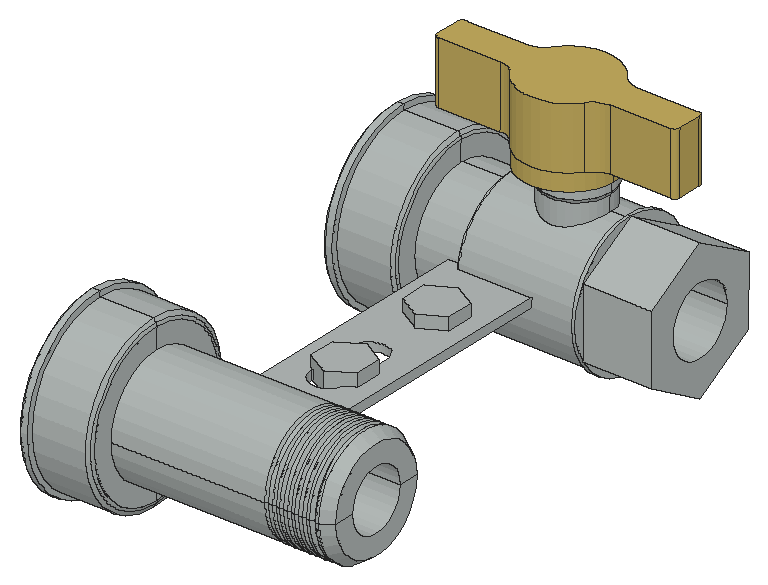
Revit family "QP07160000", category Apparecchi idraulici, Revit 2020
Family settings
  Quota connettore circolare = Usa diametro
  Tipo di parte = Normale
  Numero OmniClass = 23.45.00.00
  Titolo OmniClass = Sanitary, Laundry, and Cleaning Equipment
  Basato su piano di lavoro = No
  Sempre verticale = Sì
  Taglio con vuoti quando caricato = No
  Condiviso = No
  Punto di calcolo locali = No
Parameters
  URL = "https://web.cimberio.com/index.php/figura/923?subcategoria_id=95858"
  Temperatura di esercizio = "-20 ÷ 60°C"
  Prospetto di default = 0 mm
  Produttore = "CIMBERIO SPA"
  Pressione nominale = "MOP 5"
  Modello = "Cim 117GLD"
  Materiale = "Prodotto in lega di ottone conforme alla norma EN 12165-CW617N-DW"
  Descrizione = "Utilizzato nell’impiantistica distributiva di gas a bassa pressione per le categorie:\r\nGas naturali: gas derivati dal petrolio (Metano) e gas di ricambio.\r\nGas di città: prodotti secondo i diversi procedimenti (Cracking - Cokerie - ecc.).\r\nGas liquidi: propano e miscele di gas propano/butano"
  DN Model [instance] = QP07102155 : QP07102155
  DN [instance] = 20 mm
  Commenti sul tipo = "Realizzato in ottemperanza ai requisiti gestionali della norma EN ISO 9001.\r\nCollaudato al 100% secondo la normativa EN 12266-1"
Reference planes
  plane 1 "Centro (Fronte/Retro)": y = 0
  plane 2: z = 0
  plane 3 "Centro (Sinistra/Destra)": x = 0
Dimensions and locks
  aligned and locked: level to plane 2
Nested families
  nested 1: "QP07102155" at (0, 0, 0), type <- "DN Model", type "QP07102155"
  nested 2: "QP07102155" at (0, 0, 0), type <- "DN Model", type "QP07102155"
Connectors
  piping at (34, 0, 0), diameter 20, driven by "DN"
    settings: on nested 1, index 1, connector inside diameter 609.6 mm, connector length 0 mm, flow factor 0, pipe flow 0.0 L/s, pressure drop 0.0 Pa, fitting loss kfactor 0, connector angle 0.00°, fixture units 0, engagement length 0 mm, angle of deflection 0.00°, flow configuration 0, flow direction 0, fitting loss method 0, system type 7, joint type 0, gender type 0, connector reference index -1, connector utility 0, adjustable connector no, is connector primary yes, connector description ""
  piping at (30, -110, 0), diameter 20, driven by "DN"
    settings: on nested 1, index 2, connector inside diameter 609.6 mm, connector length 0 mm, flow factor 0, pipe flow 0.0 L/s, pressure drop 0.0 Pa, fitting loss kfactor 0, connector angle 0.00°, fixture units 0, engagement length 0 mm, angle of deflection 0.00°, flow configuration 0, flow direction 0, fitting loss method 0, system type 7, joint type 0, gender type 0, connector reference index -1, connector utility 0, adjustable connector no, is connector primary no, connector description ""
  piping at (-52.5, 0, 0), diameter 20, driven by "DN"
    settings: on nested 1, index 3, connector inside diameter 609.6 mm, connector length 0 mm, flow factor 0, pipe flow 0.0 L/s, pressure drop 0.0 Pa, fitting loss kfactor 0, connector angle 0.00°, fixture units 0, engagement length 0 mm, angle of deflection 0.00°, flow configuration 0, flow direction 0, fitting loss method 0, system type 7, joint type 0, gender type 0, connector reference index -1, connector utility 0, adjustable connector no, is connector primary no, connector description ""
  piping at (-51, -110, 0), diameter 20, driven by "DN"
    settings: on nested 1, index 4, connector inside diameter 609.6 mm, connector length 0 mm, flow factor 0, pipe flow 0.0 L/s, pressure drop 0.0 Pa, fitting loss kfactor 0, connector angle 0.00°, fixture units 0, engagement length 0 mm, angle of deflection 0.00°, flow configuration 0, flow direction 0, fitting loss method 0, system type 7, joint type 0, gender type 0, connector reference index -1, connector utility 0, adjustable connector no, is connector primary no, connector description ""
Definition of nested family "QP07102155"
  Parameters (values of type "QP07102155")
    URL = ""
    Temperatura di esercizio = ""
    Default Elevation = 0 mm
    Manufacturer = ""
    Pressione nominale = ""
    Model = ""
    Materiale = ""
    Description = ""
    Type Comments = ""
  Reference planes
    plane 1 "Centro (Fronte/Retro)": y = 0
    plane 2: z = 0
    plane 3 "Centro (Sinistra/Destra)": x = 0
  Forms (mm)
    Revolve 1, solid
      sketch origin (0, 0, 0) x (1, 0, 0) y (0, 0, 1)
        loop
          line (-19.6, -10) -> (-19.6, -18.75)
          arc (-19.6, -18.75) -> (-19.454, -19.104) -> (-19.1, -19.25) r 0.5
          line (-19.1, -19.25) -> (14.075, -19.25) -> (14.594, -20.15) -> (15.538, -20.15) -> (15.538, -10) -> (-19.6, -10)
        axis (-19.6, 0) -> (15.538, 0)
      angle from 0 to 360
    Revolve 2, solid
      sketch origin (0, 0, 0) x (1, 0, 0) y (0, 0, 1)
        loop
          line (0, 35.444) -> (0, 13.997) -> (9.5, 13.997) -> (9.5, 23.425)
          arc (9.5, 23.425) -> (9.789, 23.893) -> (10, 24.4) r 3.447
          line (10, 24.4) -> (10, 35.444) -> (0, 35.444)
        axis (0, 35.444) -> (0, 13.997)
      angle from 0 to 360
    Revolve 3, solid
      sketch origin (0, 0, 0) x (1, 0, 0) y (0, 0, 1)
        loop
          line (-33.634, 17) -> (-33.634, 10) -> (-19.6, 10) -> (-19.6, 17) -> (-33.634, 17)
        axis (-33.634, 0) -> (-19.6, 0)
      angle from 0 to 360
    Revolve 4, solid
      sketch origin (0, 0, 0) x (1, 0, 0) y (0, 0, 1)
        loop
          line (-52.5, 15) -> (-33.5, 15) -> (-33.5, 22.5)
          arc (-33.5, 22.5) -> (-33.564, 22.983) -> (-33.75, 23.433) r 1.867
          line (-33.75, 23.433) -> (-34.366, 24.5) -> (-50, 24.5) -> (-50, 26) -> (-51.883, 26) -> (-52.5, 25.5) -> (-52.5, 15)
        axis (-52.5, 0) -> (-33.5, 0)
      angle from 0 to 360
    Extrusion 5, solid
      sketch origin (0, 0, 0) x (0, 1, 0) y (0, 0, 1)
        loop
          circle (0, 0) r 10
        loop
          line (0, 20.15) -> (-17.45, 10.075) -> (-17.45, -10.075) -> (0, -20.15) -> (17.45, -10.075) -> (17.45, 10.075) -> (0, 20.15)
      from 15.538 to 35.5
    Revolve 6, solid
      sketch origin (0, -110, 0) x (1, 0, 0) y (0, 0, 1)
        loop
          line (-52.5, 15) -> (-33.5, 15) -> (-33.5, 22.5)
          arc (-33.5, 22.5) -> (-33.564, 22.983) -> (-33.75, 23.433) r 1.867
          line (-33.75, 23.433) -> (-34.366, 24.5) -> (-50, 24.5) -> (-50, 26) -> (-51.883, 26) -> (-52.5, 25.5) -> (-52.5, 15)
        axis (-52.5, 0) -> (-33.5, 0)
      angle from 0 to 360
    Revolve 7, solid
      sketch origin (-2.5, 0, 0) x (1, 0, 0) y (0, 0, 1)
        loop
          line (0, 38.174) -> (-13.134, 38.174) -> (-13.134, 27.256) -> (0, 27.256) -> (0, 38.174)
        axis (0, 38.174) -> (0, 27.256)
      angle from 0 to 360
    Extrusion 8, solid
      sketch origin (-2.5, 0, 0) x (1, 0, 0) y (0, 1, 0)
        loop
          arc (-33.14, 4.956) -> (-34.425, 4.681) -> (-35, 3.5) r 1.5
          line (-35, 3.5) -> (-35, -3.5)
          arc (-35, -3.5) -> (-34.561, -4.56) -> (-33.5, -5) r 1.5
          line (-33.5, -5) -> (-15.798, -5)
          arc (-15.798, -5) -> (-13.02, -5.681) -> (-10.874, -7.571) r 6
          arc (-10.874, -7.571) -> (0, -13.25) -> (10.874, -7.571) r 13.25
          arc (10.874, -7.571) -> (13.02, -5.681) -> (15.798, -5) r 6
          line (15.798, -5) -> (33.5, -5)
          arc (33.5, -5) -> (34.561, -4.56) -> (35, -3.5) r 1.5
          line (35, -3.5) -> (35, 3.5)
          arc (35, 3.5) -> (34.561, 4.561) -> (33.5, 5) r 1.5
          line (33.5, 5) -> (15.798, 5)
          arc (15.798, 5) -> (13.02, 5.682) -> (10.874, 7.572) r 6
          arc (10.874, 7.572) -> (0, 13.25) -> (-10.874, 7.572) r 13.25
          arc (-10.874, 7.572) -> (-13.02, 5.682) -> (-15.798, 5) r 6
          line (-15.798, 5) -> (-33.14, 4.956)
      from 32.3 to 50.3
    Revolve 9, solid
      sketch origin (0, 0, 0) x (1, 0, 0) y (0, 1, 0)
        loop
          line (-33.998, -93.25) -> (-33.998, -101.25) -> (30, -101.25) -> (30, -95.447) -> (26.616, -93.25) -> (25.807, -93.25) -> (24.775, -94.164) -> (24.247, -93.25) -> (23.327, -93.25) -> (22.699, -94.217) -> (22.14, -93.25) -> (21.027, -93.25) -> (20.405, -94.208) -> (19.852, -93.25) -> (18.931, -93.25) -> (18.303, -94.217) -> (17.745, -93.25) -> (16.631, -93.25) -> (16.009, -94.208) -> (15.456, -93.25) -> (14.536, -93.25) -> (13.907, -94.217) -> (13.349, -93.25) -> (12.236, -93.25) -> (11.614, -94.208) -> (11.061, -93.25) -> (-33.998, -93.25)
        axis (-33.998, -110) -> (30, -110)
      angle from 0 to 360
    Extrusion 10, solid
      sketch origin (-2.495, 0, 0) x (1, 0, 0) y (0, 1, 0)
        loop
          line (-21, -13.768) -> (-21, -93.925) -> (4.495, -93.925) -> (4.495, -13.768) -> (-21, -13.768)
        loop
          arc (-3.252, -61.494) -> (-8.252, -56.494) -> (-13.252, -61.494) r 5
          line (-13.252, -61.494) -> (-13.252, -76.494)
          arc (-13.252, -76.494) -> (-8.252, -81.494) -> (-3.252, -76.494) r 5
          line (-3.252, -76.494) -> (-3.252, -61.494)
      from 0 to 2.5
    Extrusion 11, solid
      sketch origin (-0.938, -1.406, 0) x (1, 0, 0) y (0, 1, 0)
        loop
          line (-9, -29.249) -> (-15.712, -33.124) -> (-15.712, -40.875) -> (-9, -44.751) -> (-2.288, -40.875) -> (-2.288, -33.124) -> (-9, -29.249)
      from 0 to 6
    Extrusion 12, solid
      sketch origin (-0.781, -34.534, 0) x (1, 0, 0) y (0, 1, 0)
        loop
          line (-9, -29.249) -> (-15.712, -33.124) -> (-15.712, -40.875) -> (-9, -44.751) -> (-2.288, -40.875) -> (-2.288, -33.124) -> (-9, -29.249)
      from 0 to 6
  Dimensions and locks
    aligned and locked: level to plane 2
